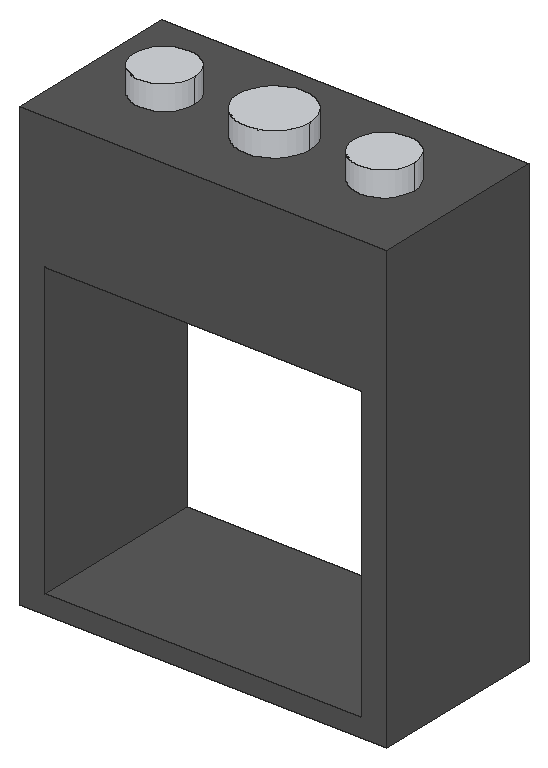
Revit family "montigo-commercial-see-through-low-profile-fireplace-BF52ST", category Generic Models, Revit 2019
Family settings
  Can host rebar = No
  Round Connector Dimension = Use Diameter
  Part Type = Normal
  Work Plane-Based = No
  Always vertical = Yes
  Cut with Voids When Loaded = No
  Shared = No
  Room Calculation Point = No
Parameters
  URL = "https://www.montigo.com/"
  Model = ""
  Manufacturer Fax = ""
  Manufacturer Website = "https://www.montigo.com/"
  Manufacturer Phone - Toll Free = "800-378-3115"
  Manufacturer Phone = ""
  Manufacturer Address = "27342 Gloucester Way  Langley, BC, Canada   V4W 4A1"
  Manufacturer = "Montigo"
  Keynote = ""
  Glazing Tint = Glass - Montigo - Tint as Specified
  Frame Material = Metal - Montigo - Black
  Firebox Material = Metal - Montigo - White
  Description = "Montigo Fireplace as Specified"
Reference planes (in)
  plane 1 "Center (Front/Back)": y = 0
  plane 2: z = 0
  plane 3 "Center (Left/Right)": x = 0
Forms (in)
  Extrusion 1, solid, material "Metal - Montigo - Black" <- "Frame Material"
    sketch origin (15, -15, 0) x (1, 0, 0) y (0, 1, 0)
      loop
        line (-45, 29.5) -> (-45, 0.5) -> (15, 0.5) -> (15, 29.5) -> (-45, 29.5)
    from 0 to 73
  Extrusion 2, solid
    sketch origin (0, 0, 0) x (1, 0, 0) y (0, 1, 0)
      loop
        circle (-18, 0) r 4.9375
      loop
        circle (18, 0) r 4.9375
      loop
        circle (0, 0) r 5.875
    from 73 to 77
  Extrusion 3, void
    sketch origin (19.1875, -6.15625, 0) x (-1, 0, 0) y (0, 0, -1)
      loop
        line (45.1875, -51) -> (45.1875, -3) -> (-6.8125, -3) -> (-6.8125, -51) -> (45.1875, -51)
    from -32.54069 to 12
Cuts and joins
  Extrusion 3 cuts Extrusion 1
Dimensions and locks (in)
  cut or joined group of Extrusion 1, Extrusion 3 to cut or joined group of Extrusion 1, Extrusion 3 = 60"
  aligned and locked: level to plane 2
Connectors (in)
  hvac at (-18, 0, 77)
    settings: on Extrusion 2, index 1, duct flow 0.0 L/s, flow factor 0, pres drop 0.0 Pa, loss coef 0, conn angle 0.00°, conn width 304.8 mm, conn height 304.8 mm, conn diameter 250.924 mm, duct sys type 3, conn prof type 0, flow config 0, flow direction 0, loss method 0, conn ref index -1, conn util no, is conn primary yes, conn desc ""
  hvac at (0, 0, 77)
    settings: on Extrusion 2, index 2, duct flow 0.0 L/s, flow factor 0, pres drop 0.0 Pa, loss coef 0, conn angle 0.00°, conn width 304.8 mm, conn height 304.8 mm, conn diameter 298.45 mm, duct sys type 3, conn prof type 0, flow config 0, flow direction 0, loss method 0, conn ref index -1, conn util no, is conn primary no, conn desc ""
  hvac at (18, 0, 77)
    settings: on Extrusion 2, index 3, duct flow 0.0 L/s, flow factor 0, pres drop 0.0 Pa, loss coef 0, conn angle 0.00°, conn width 304.8 mm, conn height 304.8 mm, conn diameter 250.924 mm, duct sys type 3, conn prof type 0, flow config 0, flow direction 0, loss method 0, conn ref index -1, conn util no, is conn primary no, conn desc ""
